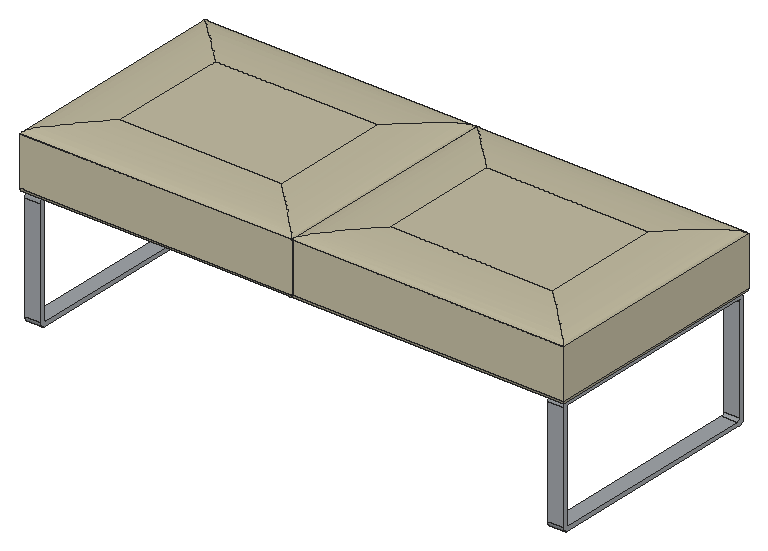
Revit family
Parameters
  URL = "http://www.martinbrattrud.com"
  SCS Certified Product = "Yes"
  Model = "Serif 530-52B"
  Manufacturer = "Martin Brattrud, Inc."
  Keynote = "125000"
  Copyright = "© 2013 Martin Brattrud, Inc."
  Chair [instance] = none
  Bench [instance] = none
  Legs [instance] = none
  Authoring Version = "Revit Architecture 2010"
  Assembly Code = "E2020200"
Reference planes (in)
  plane 1 "Center Front/Back": y = 0
  plane 2: z = 0
  plane 3 "Center Left/Right": x = 0
Forms (in)
  Extrusion 1, solid
    sketch origin (-24.25, 60, 48) x (0, 1, 0) y (0, 0, 1)
      loop
        line (-49.80983, -36.75478) -> (-70.26994, -36.75478)
        arc (-70.26994, -36.75478) -> (-70.6235, -36.90123) -> (-70.76994, -37.25478) r 0.5
        line (-70.76994, -37.25478) -> (-70.76994, -47.50159)
        arc (-70.76994, -47.50159) -> (-70.6091, -47.86898) -> (-70.23006, -48) r 0.5
        line (-70.23006, -48) -> (-49.76994, -48)
        arc (-49.76994, -48) -> (-49.41639, -47.85355) -> (-49.26994, -47.5) r 0.5
        line (-49.26994, -47.5) -> (-49.26994, -37.25319)
        arc (-49.26994, -37.25319) -> (-49.43078, -36.8858) -> (-49.80983, -36.75478) r 0.5
      loop
        line (-49.64494, -47.375) -> (-49.64494, -37.37819)
        arc (-49.64494, -37.37819) -> (-49.71817, -37.2014) -> (-49.89496, -37.12819) r 0.25
        line (-49.89496, -37.12819) -> (-70.14496, -37.12978)
        arc (-70.14496, -37.12978) -> (-70.32173, -37.20301) -> (-70.39494, -37.37978) r 0.25
        line (-70.39494, -37.37978) -> (-70.39494, -47.37659)
        arc (-70.39494, -47.37659) -> (-70.31146, -47.56307) -> (-70.11676, -47.625) r 0.25
        line (-70.11676, -47.625) -> (-49.89494, -47.625)
        arc (-49.89494, -47.625) -> (-49.71817, -47.55178) -> (-49.64494, -47.375) r 0.25
    from 0 to -1.5
  Sweep 2, solid, material <- "Bench"
    path origin (0, 0, 0) x (1, 0, 0) y (0, 1, 0)
      loop
        line (0, -11) -> (0, 11) -> (-26, 11) -> (-26, -11) -> (0, -11)
    profile origin (-13, -11, 0) x (0, -1, 0) y (0, 0, 1)
      loop
        line (0.01994, 16.24681) -> (-10.48006, 16.24681) -> (-10.48006, 11.24681) -> (-0.23006, 11.24681)
        arc (-0.23006, 11.24681) -> (-0.05328, 11.32004) -> (0.01994, 11.49681) r 0.25
        line (0.01994, 11.49681) -> (0.01994, 16.24681)
  Extrusion 3, solid, material <- "Bench"
    sketch origin (0, 0, 0) x (1, 0, 0) y (0, 1, 0)
      loop
        line (-15.51994, -0.51994) -> (-10.48006, -0.51994) -> (-10.48006, 0.51994) -> (-15.51994, 0.51994) -> (-15.51994, -0.51994)
    from 11.24681 to 16.24681
  Extrusion 4, solid
    sketch origin (24.25, 60, 48) x (0, 1, 0) y (0, 0, -1)
      loop
        arc (-49.80983, 36.75478) -> (-49.43078, 36.8858) -> (-49.26994, 37.25319) r 0.5
        line (-49.26994, 37.25319) -> (-49.26994, 47.5)
        arc (-49.26994, 47.5) -> (-49.41639, 47.85355) -> (-49.76994, 48) r 0.5
        line (-49.76994, 48) -> (-70.23006, 48)
        arc (-70.23006, 48) -> (-70.6091, 47.86898) -> (-70.76994, 47.50159) r 0.5
        line (-70.76994, 47.50159) -> (-70.76994, 37.25478)
        arc (-70.76994, 37.25478) -> (-70.6235, 36.90123) -> (-70.26994, 36.75478) r 0.5
        line (-70.26994, 36.75478) -> (-49.80983, 36.75478)
      loop
        arc (-49.64494, 47.375) -> (-49.71817, 47.55178) -> (-49.89494, 47.625) r 0.25
        line (-49.89494, 47.625) -> (-70.11676, 47.625)
        arc (-70.11676, 47.625) -> (-70.31146, 47.56307) -> (-70.39494, 47.37659) r 0.25
        line (-70.39494, 47.37659) -> (-70.39494, 37.37978)
        arc (-70.39494, 37.37978) -> (-70.32173, 37.20301) -> (-70.14496, 37.12978) r 0.25
        line (-70.14496, 37.12978) -> (-49.89496, 37.12819)
        arc (-49.89496, 37.12819) -> (-49.71817, 37.2014) -> (-49.64494, 37.37819) r 0.25
        line (-49.64494, 37.37819) -> (-49.64494, 47.375)
    from 0 to -1.5
  Sweep 5, solid, material <- "Bench"
    path origin (0, 0, 0) x (1, 0, 0) y (0, 1, 0)
      loop
        line (0, -11) -> (0, 11) -> (-26, 11) -> (-26, -11) -> (0, -11)
    profile origin (-13, -11, 0) x (0, -1, 0) y (0, 0, 1)
      loop
        line (-5.24568, 16.90457) -> (-10.48006, 16.90457) -> (-10.48006, 16.24681) -> (0.00432, 16.24681)
        spline (0.00432, 16.24681) -> (-0.0406, 16.33267) -> (-0.17457, 16.41705) -> (-0.39531, 16.49853) -> (-0.69905, 16.57569) -> (-1.08058, 16.64723) -> (-1.53337, 16.71192) -> (-2.04968, 16.76865) -> (-2.62068, 16.81645) -> (-3.23659, 16.8545) -> (-3.88688, 16.88216) -> (-4.56042, 16.89894) -> (-5.24568, 16.90457)
  Extrusion 6, solid, material <- "Bench"
    sketch origin (0, 0, 0) x (1, 0, 0) y (0, 1, 0)
      loop
        line (-15.51994, 0.51994) -> (-15.51994, -0.51994) -> (-10.48006, -0.51994) -> (-10.48006, 0.51994) -> (-15.51994, 0.51994)
    from 16.24681 to 16.90457
  Sweep 7, solid, material <- "Bench"
    path origin (0, 0, 0) x (-1, 0, 0) y (0, 1, 0)
      loop
        line (0, -11) -> (0, 11) -> (-26, 11) -> (-26, -11) -> (0, -11)
    profile origin (13, -11, 0) x (0, 1, 0) y (0, 0, 1)
      loop
        line (-0.01994, 16.24681) -> (-0.01994, 11.49681)
        arc (-0.01994, 11.49681) -> (0.05328, 11.32004) -> (0.23006, 11.24681) r 0.25
        line (0.23006, 11.24681) -> (10.48006, 11.24681) -> (10.48006, 16.24681) -> (-0.01994, 16.24681)
  Extrusion 8, solid, material <- "Bench"
    sketch origin (0, 0, 0) x (-1, 0, 0) y (0, -1, 0)
      loop
        line (-15.51994, 0.51994) -> (-15.51994, -0.51994) -> (-10.48006, -0.51994) -> (-10.48006, 0.51994) -> (-15.51994, 0.51994)
    from 11.24681 to 16.24681
  Sweep 9, solid, material <- "Bench"
    path origin (0, 0, 0) x (-1, 0, 0) y (0, 1, 0)
      loop
        line (0, -11) -> (0, 11) -> (-26, 11) -> (-26, -11) -> (0, -11)
    profile origin (13, -11, 0) x (0, 1, 0) y (0, 0, 1)
      loop
        spline (5.24568, 16.90457) -> (4.56042, 16.89894) -> (3.88688, 16.88216) -> (3.23659, 16.8545) -> (2.62068, 16.81645) -> (2.04968, 16.76865) -> (1.53337, 16.71192) -> (1.08058, 16.64723) -> (0.69905, 16.57569) -> (0.39531, 16.49853) -> (0.17457, 16.41705) -> (0.0406, 16.33267) -> (-0.00432, 16.24681)
        line (-0.00432, 16.24681) -> (10.48006, 16.24681) -> (10.48006, 16.90457) -> (5.24568, 16.90457)
  Extrusion 10, solid, material <- "Bench"
    sketch origin (0, 0, 0) x (-1, 0, 0) y (0, -1, 0)
      loop
        line (-15.51994, -0.51994) -> (-10.48006, -0.51994) -> (-10.48006, 0.51994) -> (-15.51994, 0.51994) -> (-15.51994, -0.51994)
    from 16.24681 to 16.90457
Cuts and joins
  joined: Sweep 2, Extrusion 3
  joined: Sweep 5, Extrusion 6
  joined: Sweep 7, Extrusion 8
  joined: Sweep 9, Extrusion 10
